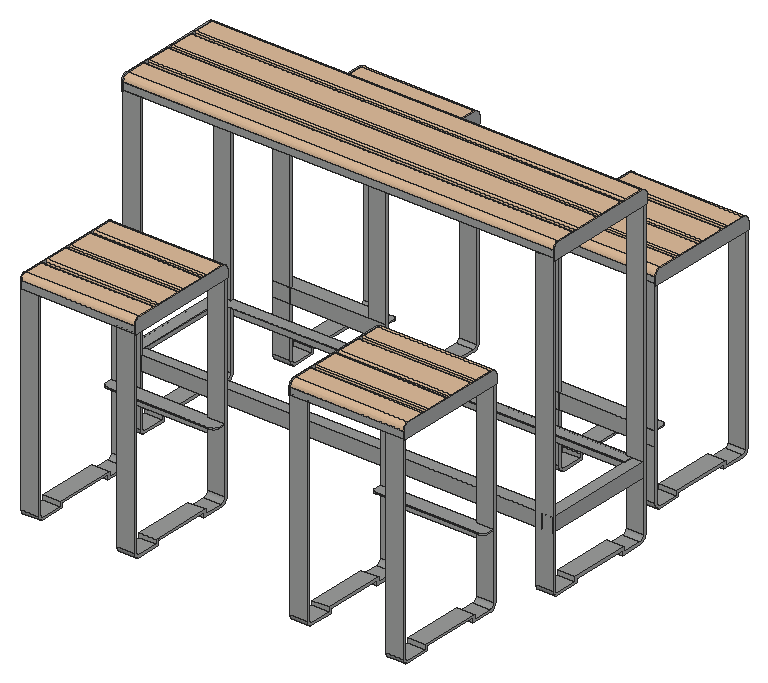
Revit family "1220-S-L", category Meble, Revit 2021
Family settings
  Numer OmniClass = 23.40.20.00
  Tytuł OmniClass = General Furniture and Specialties
  Oparty na płaszczyźnie roboczej = Nie
  Zawsze pionowo = Tak
  Tnij formami wycięć po wczytaniu = Nie
  Współdzielony = Nie
  Punkt obliczania pomieszczeń = Nie
Parameters (values of type "1220-S-L")
  wood = Mobilis Design Wood - Larch
  metal = Mobilis Design RAL 9023
  Width = "150 cm"
  URL = ""
  Seat hight = "75 cm"
  Product line = "Tucana"
  Product Groups = ""
  Manufacturer = ""
  Keynote = ""
  Description = ""
  Model = "1220-S-L"
  Material = ""
  Maintenance = ""
  Lenght = "150 cm"
  Type Comments = ""
  Mobilis Design Materials = ""
  Hosted on = ""
  Height = "110 cm"
  Domyślna rzędna = 0 mm
  Copyright = "All designs and drawings are the common intellectual property of Lars Laj A/S and Tress and are protected by Danish and international copyright laws."
Reference planes
  plane 1 "front": y = 0
  plane 2: z = 0
  plane 3 "Środek (Lewa/Prawa)": x = 0
  plane 4: z = 1057.23
Forms (mm)
  Extrusion 1, solid, material "Mobilis Design Wood - Larch" <- "wood"
    sketch origin (0, -51.281, 670.21) x (0, 1, 0) y (0, 0, 1)
      loop
        arc (263.304, 429.703) -> (259.768, 428.239) -> (258.304, 424.703) r 5
        line (258.304, 424.703) -> (258.304, 388.972)
        arc (258.304, 388.972) -> (258.878, 387.586) -> (260.264, 387.012) r 1.96
        line (260.264, 387.012) -> (346.304, 387.012)
        arc (346.304, 387.012) -> (347.718, 387.598) -> (348.304, 389.012) r 2
        line (348.304, 389.012) -> (348.304, 424.703)
        arc (348.304, 424.703) -> (346.839, 428.239) -> (343.304, 429.703) r 5
        line (343.304, 429.703) -> (263.304, 429.703)
    from -745.625 to 745.937
  Extrusion 2, solid, material "Mobilis Design Wood - Larch" <- "wood"
    sketch origin (0, -153.73, 670.21) x (0, 1, 0) y (0, 0, 1)
      loop
        arc (263.253, 429.703) -> (259.718, 428.239) -> (258.253, 424.703) r 5
        line (258.253, 424.703) -> (258.253, 388.972)
        arc (258.253, 388.972) -> (258.827, 387.586) -> (260.213, 387.012) r 1.96
        line (260.213, 387.012) -> (346.253, 387.012)
        arc (346.253, 387.012) -> (347.668, 387.598) -> (348.253, 389.012) r 2
        line (348.253, 389.012) -> (348.253, 424.703)
        arc (348.253, 424.703) -> (346.789, 428.239) -> (343.253, 429.703) r 5
        line (343.253, 429.703) -> (263.253, 429.703)
    from -745.625 to 745.937
  Extrusion 3, solid, material "Mobilis Design Wood - Larch" <- "wood"
    sketch origin (0, -256.23, 670.21) x (0, 1, 0) y (0, 0, 1)
      loop
        arc (275.801, 429.704) -> (261.616, 423.828) -> (255.74, 409.642) r 20.061
        line (255.74, 409.642) -> (258.916, 409.642) -> (258.916, 387.013) -> (343.754, 387.013)
        arc (343.754, 387.013) -> (345.168, 387.598) -> (345.753, 389.012) r 1.999
        line (345.753, 389.012) -> (345.753, 424.706)
        arc (345.753, 424.706) -> (344.29, 428.24) -> (340.756, 429.704) r 4.998
        line (340.756, 429.704) -> (275.801, 429.704)
    from -745.625 to 745.937
  Extrusion 4, solid, material "Mobilis Design RAL 9023" <- "metal", not visible
    sketch origin (0, 0, 0) x (0, 1, 0) y (0, 0, 1)
      loop
        arc (71.187, 451.5) -> (57.045, 445.642) -> (51.187, 431.5) r 20
        line (51.187, 431.5) -> (51.187, 18.231)
        arc (51.187, 18.231) -> (56.527, 5.34) -> (69.418, 0) r 18.231
        line (69.418, 0) -> (153.638, 0) -> (153.638, 15) -> (448.638, 15) -> (448.638, 0) -> (527.023, 0)
        arc (527.023, 0) -> (542.307, 6.331) -> (548.638, 21.615) r 21.615
        line (548.638, 21.615) -> (548.638, 429.407)
        arc (548.638, 429.407) -> (542.168, 445.029) -> (526.545, 451.5) r 22.093
        line (526.545, 451.5) -> (71.187, 451.5)
    from 750.378 to 745
  Extrusion 5, solid, material "Mobilis Design RAL 9023" <- "metal", not visible
    sketch origin (0, 0, 0) x (0, 1, 0) y (0, 0, 1)
      loop
        line (548.638, 396.844) -> (629.375, 854.725) -> (601.836, 859.581)
        arc (601.836, 859.581) -> (585.224, 855.898) -> (576.082, 841.547) r 22.232
        line (576.082, 841.547) -> (507.306, 451.5) -> (526.545, 451.5)
        arc (526.545, 451.5) -> (542.168, 445.029) -> (548.638, 429.407) r 22.093
        line (548.638, 429.407) -> (548.638, 396.844)
    from 745 to 750.378
  Extrusion 6, solid, material "Mobilis Design RAL 9023" <- "metal"
    sketch origin (0, -51.25, 0) x (0, -1, 0) y (0, 0, 1)
      loop
        line (-71.187, 1099.913) -> (-429.045, 1099.913)
        arc (-429.045, 1099.913) -> (-444.668, 1093.442) -> (-451.138, 1077.82) r 22.093
        line (-451.138, 1077.82) -> (-451.138, 1048.5) -> (-51.187, 1048.5) -> (-51.187, 1079.913)
        arc (-51.187, 1079.913) -> (-57.045, 1094.055) -> (-71.187, 1099.913) r 20
    from 750.725 to 745.625
  Extrusion 7, solid, material "Mobilis Design RAL 9023" <- "metal"
    sketch origin (0, -51.25, 0) x (0, 1, 0) y (0, 0, 1)
      loop
        line (451.138, 23.296) -> (451.138, 1054.5) -> (51.187, 1054.5) -> (51.187, 18.763)
        arc (51.187, 18.763) -> (56.683, 5.495) -> (69.95, 0) r 18.763
        line (69.95, 0) -> (153.638, 0) -> (153.638, 15) -> (351.138, 15) -> (351.138, 0) -> (427.842, 0)
        arc (427.842, 0) -> (444.315, 6.823) -> (451.138, 23.296) r 23.296
      loop
        line (58.687, 1048.5) -> (58.687, 18.763)
        arc (58.687, 18.763) -> (61.986, 10.799) -> (69.95, 7.5) r 11.263
        line (69.95, 7.5) -> (146.138, 7.5) -> (146.138, 22.5) -> (358.638, 22.5) -> (358.638, 7.5) -> (427.842, 7.5)
        arc (427.842, 7.5) -> (439.012, 12.127) -> (443.638, 23.296) r 15.796
        line (443.638, 23.296) -> (443.638, 1048.5) -> (58.687, 1048.5)
    from -745.625 to -685.625
  Extrusion 8, solid, material "Mobilis Design RAL 9023" <- "metal"
    sketch origin (0, -51.25, 648.75) x (0, 1, 0) y (0, 0, 1)
      loop
        line (53.936, 431.102) -> (51.187, 431.102) -> (51.187, 405.75) -> (75.655, 405.75) -> (75.655, 408.472) -> (53.936, 408.472) -> (53.936, 431.102)
    from -745.625 to 745.937
  Extrusion 9, solid, material "Mobilis Design Wood - Larch" <- "wood"
    sketch origin (0, 655.254, 670.21) x (0, -1, 0) y (0, 0, -1)
      loop
        line (275.801, -429.704) -> (340.733, -429.704)
        arc (340.733, -429.704) -> (344.267, -428.24) -> (345.731, -424.706) r 4.998
        line (345.731, -424.706) -> (345.731, -389.012)
        arc (345.731, -389.012) -> (345.145, -387.598) -> (343.731, -387.013) r 1.999
        line (343.731, -387.013) -> (258.705, -387.013) -> (258.705, -409.642) -> (255.74, -409.642)
        arc (255.74, -409.642) -> (261.616, -423.828) -> (275.801, -429.704) r 20.061
    from -745.625 to 745.938
  Extrusion 10, solid, material "Mobilis Design RAL 9023" <- "metal"
    sketch origin (0, -51.25, 0) x (0, 1, 0) y (0, 0, -1)
      loop
        arc (451.138, -23.296) -> (444.315, -6.823) -> (427.842, 0) r 23.296
        line (427.842, 0) -> (351.138, 0) -> (351.138, -15) -> (153.638, -15) -> (153.638, 0) -> (69.95, 0)
        arc (69.95, 0) -> (56.683, -5.495) -> (51.187, -18.763) r 18.763
        line (51.187, -18.763) -> (51.187, -1054.5) -> (451.138, -1054.5) -> (451.138, -23.296)
      loop
        line (58.687, -1048.5) -> (443.638, -1048.5) -> (443.638, -23.296)
        arc (443.638, -23.296) -> (439.012, -12.127) -> (427.842, -7.5) r 15.796
        line (427.842, -7.5) -> (358.638, -7.5) -> (358.638, -22.5) -> (146.138, -22.5) -> (146.138, -7.5) -> (69.95, -7.5)
        arc (69.95, -7.5) -> (61.986, -10.799) -> (58.687, -18.763) r 11.263
        line (58.687, -18.763) -> (58.687, -1048.5)
    from -745.625 to -685.625
  Extrusion 11, solid, material "Mobilis Design RAL 9023" <- "metal"
    sketch origin (0, 451.234, 648.75) x (0, -1, 0) y (0, 0, -1)
      loop
        line (53.936, -431.102) -> (53.936, -408.472) -> (75.655, -408.472) -> (75.655, -405.75) -> (51.187, -405.75) -> (51.187, -431.102) -> (53.936, -431.102)
    from -745.625 to 745.937
  Extrusion 12, solid, material "Mobilis Design RAL 9023" <- "metal"
    sketch origin (0, -51.25, 0) x (0, -1, 0) y (0, 0, -1)
      loop
        arc (-71.187, -1099.913) -> (-57.045, -1094.055) -> (-51.187, -1079.913) r 20
        line (-51.187, -1079.913) -> (-51.187, -1048.5) -> (-451.138, -1048.5) -> (-451.138, -1077.82)
        arc (-451.138, -1077.82) -> (-444.668, -1093.442) -> (-429.045, -1099.913) r 22.093
        line (-429.045, -1099.913) -> (-71.187, -1099.913)
    from 750.725 to 745.625
  Extrusion 13, solid, material "Mobilis Design RAL 9023" <- "metal"
    sketch origin (0, 554.482, 0) x (0, 1, 0) y (0, 0, 1)
      loop
        line (-195.107, 247.533) -> (-156.525, 247.533) -> (-156.525, 199.948) -> (-154.509, 199.948) -> (-154.509, 249.533) -> (-195.107, 249.533) -> (-195.107, 247.533)
    from -704.756 to 704.756
  Extrusion 14, solid, material "Mobilis Design RAL 9023" <- "metal"
    sketch origin (0, -152.551, 0) x (0, -1, 0) y (0, 0, -1)
      loop
        line (-195.107, -247.533) -> (-195.107, -249.533) -> (-154.509, -249.533) -> (-154.509, -199.948) -> (-156.525, -199.948) -> (-156.525, -247.533) -> (-195.107, -247.533)
    from -704.756 to 704.756
  Extrusion 15, solid, material "Mobilis Design RAL 9023" <- "metal"
    sketch origin (899.862, 22.202, 0) x (1, 0, 0) y (0, 0, -1)
      loop
        line (-195.107, -247.533) -> (-195.107, -249.533) -> (-154.509, -249.533) -> (-154.509, -199.948) -> (-156.525, -199.948) -> (-156.525, -247.533) -> (-195.107, -247.533)
    from -22.202 to 374.347
  Extrusion 16, solid, material "Mobilis Design RAL 9023" <- "metal"
    sketch origin (-899.862, 22.202, 0) x (-1, 0, 0) y (0, 0, 1)
      loop
        line (-195.107, 247.533) -> (-156.525, 247.533) -> (-156.525, 199.948) -> (-154.509, 199.948) -> (-154.509, 249.533) -> (-195.107, 249.533) -> (-195.107, 247.533)
    from -22.202 to 374.347
  Extrusion 17, solid, material "Kobenhagen RAL 5012"
    sketch origin (0, 0, 0) x (1, 0, 0) y (0, 1, 0)
      loop
        line (28.705, 24.405) -> (28.705, 375.579) -> (-31.295, 375.579) -> (-31.295, 24.405) -> (28.705, 24.405)
    from 1054.5 to 1057.222
Lines and regions (mm)
  model lines, style "9"
    curve 1: line (264.233, -99.489, 0) -> (264.233, -93.489, 0)
    curve 2: line (264.233, -399.489, 0) -> (264.233, -405.489, 0)
    curve 3: line (-304.767, -99.489, 0) -> (-304.767, -93.489, 0)
    curve 4: line (-304.767, -399.489, 0) -> (-304.767, -405.489, 0)
    curve 5: line (-281.767, -99.489, 0) -> (-281.767, -93.489, 0)
    curve 6: line (-281.767, -399.489, 0) -> (-281.767, -405.489, 0)
    curve 9: line (0, -245.5, 21) -> (0, -239.5, 21)
    curve 10: line (0, -445.5, 21) -> (0, -451.5, 21)
  model lines, style "8"
    curve 7: line (0, -170.5, 1054) -> (0, -158, 1054)
    curve 8: line (0, -170.5, 1054) -> (0, -158, 1054)
Dimensions and locks
  Extrusion 1 sketch curve to Extrusion 1 sketch curve = 90 mm
  Extrusion 1 sketch curve to Extrusion 1 sketch curve = 42.691 mm
  Extrusion 2 sketch curve to Extrusion 2 sketch curve = 90 mm
  Extrusion 2 sketch curve to Extrusion 2 sketch curve = 42.691 mm
  Extrusion 3 sketch curve to Extrusion 3 sketch curve = 42.691 mm
  Extrusion 9 sketch curve to Extrusion 9 sketch curve = 42.691 mm
  aligned and locked: level to plane 2
Nested families
  nested 1: "1210-S-L" at (466.217, -351.451, 0), type "1210-S-L"
  nested 2: "1210-S-L" at (-466.217, -351.451, 0) x (-1, 0, 0) z (0, 0, 1), type "1210-S-L"
  nested 3: "1210-S-L" at (466.217, 750.498, 0), type "1210-S-L"
  nested 4: "1210-S-L" at (-466.217, 750.498, 0) x (-1, 0, 0) z (0, 0, 1), type "1210-S-L"
Definition of nested family "1210-S-L"
  Parameters (values of type "1210-S-L")
    wood = none
    metal = none
    Width = "40 cm"
    Weight = "20 kg"
    URL = ""
    Product line = "Tucana"
    Product Groups = ""
    Manufacturer = ""
    Keynote = ""
    Description = ""
    Model = "1210-S-L"
    Material = ""
    Maintenance = ""
    Lenght = "40 cm"
    Type Comments = ""
    Mobilis Design Materials = ""
    Hosted on = ""
    Height = "75 cm"
    Default Elevation = 0 mm
    Copyright = "All designs and drawings are the common intellectual property of Lars Laj A/S and Tress and are protected by Danish and international copyright laws."
  Reference planes
    plane 1 "front": y = 0
    plane 2: z = 0
    plane 3 "Środek (Lewa/Prawa)": x = 0
  Forms (mm)
    Extrusion 1, solid, material <- "wood"
      sketch origin (0, -245.517, 318.96) x (0, 1, 0) y (0, 0, 1)
        loop
          arc (263.304, 429.703) -> (259.768, 428.239) -> (258.304, 424.703) r 5
          line (258.304, 424.703) -> (258.304, 388.972)
          arc (258.304, 388.972) -> (258.878, 387.586) -> (260.264, 387.012) r 1.96
          line (260.264, 387.012) -> (346.304, 387.012)
          arc (346.304, 387.012) -> (347.718, 387.598) -> (348.304, 389.012) r 2
          line (348.304, 389.012) -> (348.304, 424.703)
          arc (348.304, 424.703) -> (346.839, 428.239) -> (343.304, 429.703) r 5
          line (343.304, 429.703) -> (263.304, 429.703)
      from -196.25 to 195.937
    Extrusion 2, solid, material <- "wood"
      sketch origin (0, -347.967, 318.96) x (0, 1, 0) y (0, 0, 1)
        loop
          arc (263.253, 429.703) -> (259.718, 428.239) -> (258.253, 424.703) r 5
          line (258.253, 424.703) -> (258.253, 388.972)
          arc (258.253, 388.972) -> (258.827, 387.586) -> (260.213, 387.012) r 1.96
          line (260.213, 387.012) -> (346.253, 387.012)
          arc (346.253, 387.012) -> (347.668, 387.598) -> (348.253, 389.012) r 2
          line (348.253, 389.012) -> (348.253, 424.703)
          arc (348.253, 424.703) -> (346.789, 428.239) -> (343.253, 429.703) r 5
          line (343.253, 429.703) -> (263.253, 429.703)
      from -196.25 to 195.937
    Extrusion 3, solid, material <- "wood"
      sketch origin (0, -450.154, 318.96) x (0, 1, 0) y (0, 0, 1)
        loop
          arc (275.801, 429.704) -> (261.616, 423.828) -> (255.74, 409.642) r 20.061
          line (255.74, 409.642) -> (258.916, 409.642) -> (258.916, 387.013) -> (343.754, 387.013)
          arc (343.754, 387.013) -> (345.168, 387.598) -> (345.753, 389.012) r 1.999
          line (345.753, 389.012) -> (345.753, 424.706)
          arc (345.753, 424.706) -> (344.29, 428.24) -> (340.756, 429.704) r 4.998
          line (340.756, 429.704) -> (275.801, 429.704)
      from -196.25 to 195.937
    Extrusion 4, solid, material <- "metal", not visible
      sketch origin (0, 0, 0) x (0, 1, 0) y (0, 0, 1)
        loop
          arc (71.187, 451.5) -> (57.045, 445.642) -> (51.187, 431.5) r 20
          line (51.187, 431.5) -> (51.187, 18.231)
          arc (51.187, 18.231) -> (56.527, 5.34) -> (69.418, 0) r 18.231
          line (69.418, 0) -> (153.638, 0) -> (153.638, 15) -> (448.638, 15) -> (448.638, 0) -> (527.023, 0)
          arc (527.023, 0) -> (542.307, 6.331) -> (548.638, 21.615) r 21.615
          line (548.638, 21.615) -> (548.638, 429.407)
          arc (548.638, 429.407) -> (542.168, 445.029) -> (526.545, 451.5) r 22.093
          line (526.545, 451.5) -> (71.187, 451.5)
      from 750.378 to 745
    Extrusion 5, solid, material <- "metal", not visible
      sketch origin (0, 0, 0) x (0, 1, 0) y (0, 0, 1)
        loop
          line (548.638, 396.844) -> (629.375, 854.725) -> (601.836, 859.581)
          arc (601.836, 859.581) -> (585.224, 855.898) -> (576.082, 841.547) r 22.232
          line (576.082, 841.547) -> (507.306, 451.5) -> (526.545, 451.5)
          arc (526.545, 451.5) -> (542.168, 445.029) -> (548.638, 429.407) r 22.093
          line (548.638, 429.407) -> (548.638, 396.844)
      from 745 to 750.378
    Extrusion 6, solid, material <- "metal"
      sketch origin (0, -245.487, 0) x (0, -1, 0) y (0, 0, 1)
        loop
          line (-71.187, 748.663) -> (-429.045, 748.663)
          arc (-429.045, 748.663) -> (-444.668, 742.192) -> (-451.138, 726.57) r 22.093
          line (-451.138, 726.57) -> (-451.138, 701) -> (-51.187, 701) -> (-51.187, 728.663)
          arc (-51.187, 728.663) -> (-57.045, 742.805) -> (-71.187, 748.663) r 20
      from 199.507 to 196.25
    Extrusion 7, solid, material <- "metal"
      sketch origin (0, -245.487, 0) x (0, 1, 0) y (0, 0, 1)
        loop
          line (451.138, 23.296) -> (451.138, 707) -> (51.187, 707) -> (51.187, 18.763)
          arc (51.187, 18.763) -> (56.683, 5.495) -> (69.95, 0) r 18.763
          line (69.95, 0) -> (153.638, 0) -> (153.638, 15) -> (351.138, 15) -> (351.138, 0) -> (427.842, 0)
          arc (427.842, 0) -> (444.315, 6.823) -> (451.138, 23.296) r 23.296
        loop
          line (58.687, 701) -> (58.687, 18.763)
          arc (58.687, 18.763) -> (61.986, 10.799) -> (69.95, 7.5) r 11.263
          line (69.95, 7.5) -> (146.138, 7.5) -> (146.138, 22.5) -> (358.638, 22.5) -> (358.638, 7.5) -> (427.842, 7.5)
          arc (427.842, 7.5) -> (439.012, 12.127) -> (443.638, 23.296) r 15.796
          line (443.638, 23.296) -> (443.638, 701) -> (58.687, 701)
      from -196.25 to -136.25
    Extrusion 8, solid, material <- "metal"
      sketch origin (0, -245.487, 297.5) x (0, 1, 0) y (0, 0, 1)
        loop
          line (53.936, 431.102) -> (51.187, 431.102) -> (51.187, 405.767) -> (73.779, 405.767) -> (73.779, 408.105) -> (53.936, 408.105) -> (53.936, 431.102)
      from -196.25 to 195.937
    Extrusion 9, solid, material <- "wood"
      sketch origin (0, 461.017, 318.96) x (0, -1, 0) y (0, 0, -1)
        loop
          line (275.801, -429.704) -> (340.733, -429.704)
          arc (340.733, -429.704) -> (344.267, -428.24) -> (345.731, -424.706) r 4.998
          line (345.731, -424.706) -> (345.731, -389.012)
          arc (345.731, -389.012) -> (345.145, -387.598) -> (343.731, -387.013) r 1.999
          line (343.731, -387.013) -> (258.705, -387.013) -> (258.705, -409.642) -> (255.74, -409.642)
          arc (255.74, -409.642) -> (261.616, -423.828) -> (275.801, -429.704) r 20.061
      from -196.25 to 195.938
    Extrusion 10, solid, material <- "metal"
      sketch origin (0, -245.487, 0) x (0, 1, 0) y (0, 0, -1)
        loop
          arc (451.138, -23.296) -> (444.315, -6.823) -> (427.842, 0) r 23.296
          line (427.842, 0) -> (351.138, 0) -> (351.138, -15) -> (153.638, -15) -> (153.638, 0) -> (69.95, 0)
          arc (69.95, 0) -> (56.683, -5.495) -> (51.187, -18.763) r 18.763
          line (51.187, -18.763) -> (51.187, -707) -> (451.138, -707) -> (451.138, -23.296)
        loop
          line (58.687, -701) -> (443.638, -701) -> (443.638, -23.296)
          arc (443.638, -23.296) -> (439.012, -12.127) -> (427.842, -7.5) r 15.796
          line (427.842, -7.5) -> (358.638, -7.5) -> (358.638, -22.5) -> (146.138, -22.5) -> (146.138, -7.5) -> (69.95, -7.5)
          arc (69.95, -7.5) -> (61.986, -10.799) -> (58.687, -18.763) r 11.263
          line (58.687, -18.763) -> (58.687, -701)
      from -196.25 to -136.25
    Extrusion 11, solid, material <- "metal"
      sketch origin (0, 256.685, 297.5) x (0, -1, 0) y (0, 0, -1)
        loop
          line (53.936, -431.102) -> (53.936, -408.105) -> (73.779, -408.105) -> (73.779, -405.767) -> (51.187, -405.767) -> (51.187, -431.102) -> (53.936, -431.102)
      from -196.25 to 195.937
    Extrusion 12, solid, material <- "metal"
      sketch origin (0, -180.928, 25.482) x (0, 1, 0) y (0, 0, 1)
        loop
          line (386.692, 174.492) -> (386.692, 225.518) -> (335.335, 225.518) -> (335.335, 222.492) -> (381.692, 222.492) -> (381.692, 174.492) -> (386.692, 174.492)
      from 0 to 195.937
    Extrusion 13, solid, material <- "metal"
      sketch origin (0, -245.487, 0) x (0, -1, 0) y (0, 0, -1)
        loop
          arc (-71.187, -748.663) -> (-57.045, -742.805) -> (-51.187, -728.663) r 20
          line (-51.187, -728.663) -> (-51.187, -701) -> (-451.138, -701) -> (-451.138, -726.57)
          arc (-451.138, -726.57) -> (-444.668, -742.192) -> (-429.045, -748.663) r 22.093
          line (-429.045, -748.663) -> (-71.187, -748.663)
      from 199.507 to 196.25
    Extrusion 14, void
      sketch origin (0, -194.237, 0) x (1, 0, 0) y (0, 1, 0)
        loop
          arc (196.244, 368.643) -> (190.06, 354.471) -> (175.738, 348.643) r 20.512
          line (175.738, 348.643) -> (175.738, 343.643) -> (203.406, 343.643) -> (203.406, 368.643) -> (196.244, 368.643)
      from 231.188 to 264.325
    Extrusion 15, solid, material <- "metal"
      sketch origin (0, -180.928, 25.482) x (0, 1, 0) y (0, 0, -1)
        loop
          line (386.692, -174.492) -> (381.692, -174.492) -> (381.692, -222.492) -> (335.335, -222.492) -> (335.335, -225.518) -> (386.692, -225.518) -> (386.692, -174.492)
      from 0 to 195.937
    Extrusion 16, void
      sketch origin (0, -194.237, 0) x (-1, 0, 0) y (0, -1, 0)
        loop
          line (196.244, -368.643) -> (203.406, -368.643) -> (203.406, -343.643) -> (175.738, -343.643) -> (175.738, -348.643)
          arc (175.738, -348.643) -> (190.06, -354.471) -> (196.244, -368.643) r 20.512
      from 231.188 to 264.325
  Cuts and joins
    Extrusion 14, Extrusion 16 cuts Extrusion 12
    Extrusion 16 cuts Extrusion 15
    joined: Extrusion 12, Extrusion 15
  Dimensions and locks
    Extrusion 1 sketch curve to Extrusion 1 sketch curve = 90 mm
    Extrusion 1 sketch curve to Extrusion 1 sketch curve = 42.691 mm
    Extrusion 2 sketch curve to Extrusion 2 sketch curve = 90 mm
    Extrusion 2 sketch curve to Extrusion 2 sketch curve = 42.691 mm
    Extrusion 3 sketch curve to Extrusion 3 sketch curve = 42.691 mm
    Extrusion 9 sketch curve to Extrusion 9 sketch curve = 42.691 mm
    aligned and locked: level to plane 2
